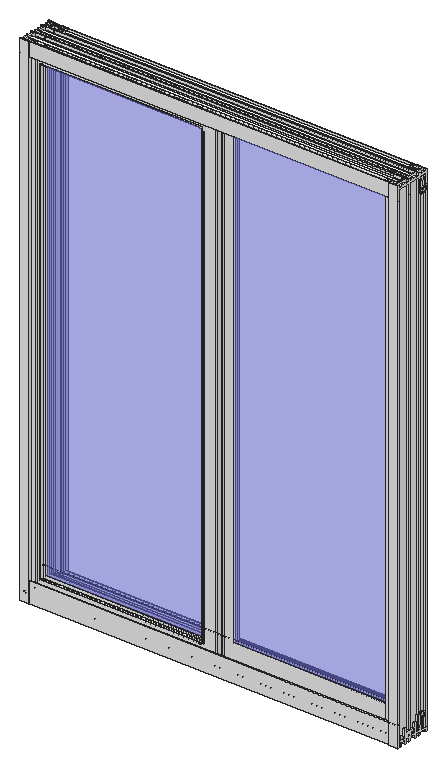
Revit family "DAL_A3-AGI-Hurricane-Sliding-Door-1524X2032", category Doors, host Wall, Revit 2016
Family settings
  Host = Wall
  Always vertical = Yes
  Cut with Voids When Loaded = No
  Shared = No
  Room Calculation Point = No
Parameters (values of type "AGI HURRICANE SLIDING DOOR 1524 X2032")
  URL = "www.agi.co.za"
  Panel Width = Width / 2  # 762 mm
  Panel Height = Height - 60 mm  # 1972 mm
  Manufacturer = "AGI"
  Glass = Glass
  Function = Interior
  Frame Projection Ext. = 25 mm
  Frame Projection Int. = 25 mm
  Frame Width = 75 mm
  Height = 2032 mm
  Wall Closure = By host
  Width = 1524 mm
  Frame = Aluminium
Reference planes
  plane 1 "Center (Interior/Exterior)": y = 0
  plane 2 "Center (Left/Right)": x = 0
  plane 3 "Left": x = -762
  plane 4 "Right": x = 762
  plane 5: z = 2032
  plane 6 "Exterior": y = 75
  plane 7 "Interior": y = -75
  plane 8: x = -747
  plane 9: x = 747
Forms (mm)
  Sweep 1, solid, material "Aluminium" <- "Frame", detail levels medium+fine
    path origin (0, 0, 0) x (1, 0, 0) y (0, 0, 1)
      loop
        line (762, 0) -> (-762, 0)
    profile "HORIZONTAL side 2 frame profile : HORIZONTAL side 2 frame profile" origin (0, 0, 0) x (0, 0, -1) y (0, -1, 0)
      loop
        circle (-78.556, -42.746) r 2.183
      loop
        line (-74.056, -30.696) -> (-74.056, -50.658) -> (-68.556, -50.658) -> (-68.556, -45.177) -> (-66.556, -45.177) -> (-66.556, -52.658) -> (-74.056, -52.658) -> (-74.056, -62.658) -> (-59.594, -62.658) -> (-59.594, -54.658) -> (-23.594, -54.658) -> (-23.594, -45.177) -> (-33.594, -45.177)
        arc (-33.594, -45.177) -> (-31.094, -42.677) -> (-33.594, -40.177) r 2.5
        line (-33.594, -40.177) -> (-23.594, -40.177) -> (-23.594, -30.696) -> (-74.056, -30.696)
      loop
        line (-35.344, -12.481) -> (-17.882, -12.481) -> (-19.002, 8.886) -> (-24.445, 8.886)
        arc (-24.445, 8.886) -> (-34.344, 9.886) -> (-24.445, 10.886) r 5
        line (-24.445, 10.886) -> (-19.107, 10.886) -> (-20.241, 32.519) -> (-35.344, 32.519) -> (-35.344, 24.253) -> (-21.594, 24.253) -> (-21.594, 22.253) -> (-35.344, 22.253) -> (-35.344, -2.481) -> (-21.594, -2.481) -> (-21.594, -4.481) -> (-35.344, -4.481) -> (-35.344, -12.481)
      loop
        line (-14.738, -72.481) -> (0, -72.481) -> (0, -67.481) -> (-9.993, -67.481) -> (-11.042, -47.474)
        arc (-11.042, -47.474) -> (-9.21, -47.022) -> (-7.676, -45.923) r 5
        line (-7.676, -45.923) -> (-9.445, -44.154)
        arc (-9.445, -44.154) -> (-13.796, -42.677) -> (-9.73, -40.538) r 2.5
        line (-9.73, -40.538) -> (-7.958, -38.765)
        arc (-7.958, -38.765) -> (-9.634, -37.768) -> (-11.565, -37.488) r 5
        line (-11.565, -37.488) -> (-12.614, -17.481) -> (0, -17.481) -> (0, -12.481) -> (-12.876, -12.481) -> (-13.791, 4.982)
        arc (-13.791, 4.982) -> (-11.943, 5.439) -> (-10.395, 6.548) r 5.044
        line (-10.395, 6.548) -> (-12.164, 8.317)
        arc (-12.164, 8.317) -> (-16.595, 9.886) -> (-12.352, 11.91) r 2.544
        line (-12.352, 11.91) -> (0, 11.91) -> (0, 13.767) -> (-10.68, 13.767)
        arc (-10.68, 13.767) -> (-12.371, 14.774) -> (-14.319, 15.056) r 5.044
        line (-14.319, 15.056) -> (-15.234, 32.519) -> (0, 32.519) -> (0, 37.519) -> (-15.496, 37.519) -> (-16.019, 47.507)
        arc (-16.019, 47.507) -> (-14.188, 47.959) -> (-12.655, 49.057) r 5
        line (-12.655, 49.057) -> (-14.44, 50.842)
        arc (-14.44, 50.842) -> (-18.756, 52.37) -> (-14.623, 54.342) r 2.478
        line (-14.623, 54.342) -> (0, 54.342) -> (0, 56.216) -> (-12.935, 56.216)
        arc (-12.935, 56.216) -> (-14.612, 57.213) -> (-16.543, 57.493) r 5
        line (-16.543, 57.493) -> (-17.066, 67.481) -> (0, 67.481) -> (0, 72.481) -> (-83.056, 72.481) -> (-83.056, 67.481) -> (-22.073, 67.481) -> (-21.334, 53.37) -> (-24.445, 53.37)
        arc (-24.445, 53.37) -> (-34.344, 52.37) -> (-24.445, 51.37) r 5
        line (-24.445, 51.37) -> (-21.229, 51.37) -> (-20.503, 37.519) -> (-55, 37.519) -> (-55, 32.519) -> (-37.344, 32.519) -> (-37.344, 17.253) -> (-42.344, 17.253) -> (-42.344, 15.253) -> (-37.344, 15.253) -> (-37.344, -12.481) -> (-55, -12.481) -> (-55, -17.481) -> (-17.62, -17.481) -> (-16.352, -41.677) -> (-21.594, -41.677) -> (-21.594, -28.696) -> (-76.056, -28.696) -> (-76.056, -48.658) -> (-81.056, -48.658) -> (-81.056, -40.177) -> (-83.056, -40.177) -> (-83.056, -50.658) -> (-76.056, -50.658) -> (-76.056, -64.658) -> (-57.594, -64.658) -> (-57.594, -56.658) -> (-21.594, -56.658) -> (-21.594, -43.677) -> (-16.247, -43.677) -> (-14.738, -72.481)
  Sweep 2, solid, material "Aluminium" <- "Frame", detail levels medium+fine
    path origin (0, 0, 0) x (1, 0, 0) y (0, 0, 1)
      loop
        line (762, 2032) -> (762, 0)
    profile "SIDE Frame profile : SIDE Frame profile" origin (762, 0, 1016) x (1, 0, 0) y (0, -1, 0)
      loop
        line (-16, 55.481) -> (-18, 55.481) -> (-18, 20.481) -> (-58, 20.481) -> (-58, 11.481) -> (-73, 11.481) -> (-73, 9.481) -> (-50, 9.481) -> (-50, 11.481) -> (-56, 11.481) -> (-56, 18.481) -> (-16, 18.481) -> (-16, 55.481)
      loop
        line (-55, 62.481) -> (-55, 57.481) -> (-30, 57.481) -> (-30, 67.481) -> (-15, 67.481) -> (-15, 17.481) -> (-55, 17.481) -> (-55, 12.481) -> (-15, 12.481) -> (-15, -32.519) -> (-55, -32.519) -> (-55, -37.519) -> (-15, -37.519) -> (-15, -67.481) -> (-30, -67.481) -> (-30, -57.481) -> (-55, -57.481) -> (-55, -62.481) -> (-35, -62.481) -> (-35, -72.481) -> (0, -72.481) -> (0, -67.481) -> (-10, -67.481) -> (-10, -37.519) -> (0, -37.519) -> (0, -32.519) -> (-10, -32.519) -> (-10, 12.481) -> (0, 12.481) -> (0, 17.481) -> (-10, 17.481) -> (-10, 67.481) -> (0, 67.481) -> (0, 72.481) -> (-35, 72.481) -> (-35, 62.481) -> (-55, 62.481)
  Sweep 3, solid, material "Aluminium" <- "Frame", detail levels medium+fine
    path origin (0, 0, 0) x (1, 0, 0) y (0, 0, 1)
      loop
        line (-762, 2032) -> (-762, 0)
    profile "SIDE 2 Frame profile : SIDE 2 Frame profile" origin (-762, 0, 1016) x (1, 0, 0) y (0, -1, 0)
      loop
        circle (78.556, -42.784) r 2.183
      loop
        line (74.056, -40.734) -> (34.844, -40.734) -> (34.844, -54.696) -> (59.594, -54.696) -> (59.594, -70.481) -> (74.056, -70.481) -> (74.056, -52.696) -> (66.556, -52.696) -> (66.556, -45.215) -> (68.556, -45.215) -> (68.556, -50.696) -> (74.056, -50.696) -> (74.056, -40.734)
      loop
        line (76.056, -38.734) -> (21.594, -38.734) -> (21.594, -40.734) -> (32.344, -40.734) -> (32.344, -54.696) -> (21.594, -54.696) -> (21.594, -56.696) -> (57.594, -56.696) -> (57.594, -72.481) -> (76.056, -72.481) -> (76.056, -50.696) -> (83.056, -50.696) -> (83.056, -40.215) -> (81.056, -40.215) -> (81.056, -48.696) -> (76.056, -48.696) -> (76.056, -38.734)
      loop
        line (55, 62.481) -> (35, 62.481) -> (35, 72.481) -> (0, 72.481) -> (0, 67.481) -> (10, 67.481) -> (10, 17.481) -> (0, 17.481) -> (0, 12.481) -> (10, 12.481) -> (10, -32.519) -> (0, -32.519) -> (0, -37.519) -> (10, -37.519) -> (10, -67.481) -> (0, -67.481) -> (0, -72.481) -> (35, -72.481) -> (35, -62.481) -> (55, -62.481) -> (55, -57.481) -> (30, -57.481) -> (30, -67.481) -> (15, -67.481) -> (15, -37.519) -> (55, -37.519) -> (55, -32.519) -> (15, -32.519) -> (15, 12.481) -> (55, 12.481) -> (55, 17.481) -> (15, 17.481) -> (15, 67.481) -> (30, 67.481) -> (30, 57.481) -> (55, 57.481) -> (55, 62.481)
  Sweep 4, solid, material "Aluminium" <- "Frame", detail levels medium+fine
    path origin (0, 0, 0) x (1, 0, 0) y (0, 0, 1)
      loop
        line (-762, 2032) -> (762, 2032)
    profile "HORIZONTAL side frame profile : HORIZONTAL side frame profile" origin (0, 0, 2032) x (0, 0, 1) y (0, -1, 0)
      loop
        circle (-76.962, -52.568) r 2.183
      loop
        line (-72.462, -40.519) -> (-72.462, -60.481) -> (-66.962, -60.481) -> (-66.962, -55) -> (-64.962, -55) -> (-64.962, -62.481) -> (-72.462, -62.481) -> (-72.462, -72.481) -> (-58, -72.481) -> (-58, -64.481) -> (-22, -64.481) -> (-22, -55) -> (-32, -55)
        arc (-32, -55) -> (-29.5, -52.5) -> (-32, -50) r 2.5
        line (-32, -50) -> (-22, -50) -> (-22, -40.519) -> (-72.462, -40.519)
      loop
        line (-20, -38.519) -> (-74.462, -38.519) -> (-74.462, -58.481) -> (-79.462, -58.481) -> (-79.462, -50) -> (-81.462, -50) -> (-81.462, -60.481) -> (-74.462, -60.481) -> (-74.462, -74.481) -> (-56, -74.481) -> (-56, -66.481) -> (-20, -66.481) -> (-20, -38.519)
      loop
        line (-55, 72.481) -> (-55, 67.481) -> (-15, 67.481) -> (-15, 17.481) -> (-55, 17.481) -> (-55, 12.481) -> (-15, 12.481) -> (-15, -32.519) -> (-55, -32.519) -> (-55, -37.519) -> (-15, -37.519) -> (-15, -67.481) -> (-55, -67.481) -> (-55, -72.481) -> (0, -72.481) -> (0, -67.481) -> (-10, -67.481) -> (-10, -62.5)
        arc (-10, -62.5) -> (-6.173, -61.739) -> (-2.929, -59.571) r 10
        line (-2.929, -59.571) -> (-8.232, -54.268)
        arc (-8.232, -54.268) -> (-12.5, -52.5) -> (-8.232, -50.732) r 2.5
        line (-8.232, -50.732) -> (-2.929, -45.429)
        arc (-2.929, -45.429) -> (-6.173, -43.261) -> (-10, -42.5) r 10
        line (-10, -42.5) -> (-10, -37.519) -> (0, -37.519) -> (0, -32.519) -> (-10, -32.519) -> (-10, -20.019)
        arc (-10, -20.019) -> (-6.173, -19.258) -> (-2.929, -17.09) r 10
        line (-2.929, -17.09) -> (-8.232, -11.787)
        arc (-8.232, -11.787) -> (-12.5, -10.019) -> (-8.232, -8.251) r 2.5
        line (-8.232, -8.251) -> (-2.929, -2.948)
        arc (-2.929, -2.948) -> (-6.173, -0.78) -> (-10, -0.019) r 10
        line (-10, -0.019) -> (-10, 12.481) -> (0, 12.481) -> (0, 17.481) -> (-10, 17.481) -> (-10, 32.481)
        arc (-10, 32.481) -> (-6.173, 33.242) -> (-2.929, 35.41) r 10
        line (-2.929, 35.41) -> (-8.232, 40.713)
        arc (-8.232, 40.713) -> (-12.5, 42.481) -> (-8.232, 44.249) r 2.5
        line (-8.232, 44.249) -> (-2.929, 49.552)
        arc (-2.929, 49.552) -> (-6.173, 51.72) -> (-10, 52.481) r 10
        line (-10, 52.481) -> (-10, 67.481) -> (0, 67.481) -> (0, 72.481) -> (-55, 72.481)
Lines and regions (mm)
  Opening 1
    outline origin (-3050, -75, 0) x (1, 0, 0) y (0, 0, 1)
      loop
        line (2288, 0) -> (3812, 0) -> (3812, 2032) -> (2288, 2032) -> (2288, 0)
  symbolic lines, style "Overhead", detail levels coarse
    curve 1: line (-762, 75, 0) -> (762, 75, 0)
    curve 2: line (762, -75, 0) -> (-762, -75, 0)
  symbolic lines, style "Plan Swing"
    curve 3: line (524.605, 103.284, 0) -> (344.605, 103.284, 0)
    curve 4: line (344.605, 103.284, 0) -> (372.889, 131.569, 0)
    curve 5: line (344.605, 103.284, 0) -> (372.889, 75, 0)
  symbolic lines, style "Elevation Swing"
    curve 6: line (527, 0, 1023.344) -> (366, 0, 1023.344)
    curve 7: line (366, 0, 1023.344) -> (394.284, 0, 1051.628)
    curve 8: line (366, 0, 1023.344) -> (394.284, 0, 995.06)
  symbolic lines, style "DoorsPanelProjection", detail levels coarse
    curve 9: line (-762, -32.519, 0) -> (0, -32.519, 0)
    curve 10: line (0, 12.019, 0) -> (762, 12.019, 0)
Text (mm)
  text "Exterior" at (-2295.016, 1099.543, 0), in view "Ref. Level"
  text "Exterior" at (0, 1615.38, 3698.081), in view "Left"
  text "Exterior" at (0, 1036.032, 3874.932), in view "Right"
Dimensions and locks
  equal spacing: plane 3 "Left", plane 2 "Center (Left/Right)", plane 4 "Right"
  "Width": plane 3 "Left" to plane 4 "Right"
  "Height": plane 5 to host wall
  host wall to plane 5 = 2032 mm  (x2)
  locked: plane 6 "Exterior" to host wall at 0
  locked: plane 7 "Interior" to host wall
  locked: plane 3 "Left" to plane 8 at 15
  locked: plane 9 to plane 4 "Right" at 15
  aligned and locked: plane 3 "Left" to Opening 1 sketch curve
  aligned and locked: plane 5 to Opening 1 sketch curve  (x2)
  aligned and locked: Opening 1 sketch curve to plane 4 "Right"
  aligned and locked: Opening 1 sketch curve to level
  aligned and locked: plane 1 "Center (Interior/Exterior)" to host wall
  aligned and locked: level to Sweep 1 sketch curve
  aligned and locked: plane 4 "Right" to Sweep 1 sketch curve
  aligned and locked: plane 3 "Left" to Sweep 1 sketch curve
  aligned and locked: curve 2 to curve 1  (x2)
  aligned and locked: plane 3 "Left" to curve 1
  aligned and locked: plane 4 "Right" to curve 2
  aligned and locked: curve 2 to plane 7 "Interior"
  aligned and locked: plane 6 "Exterior" to curve 1
  aligned and locked: plane 4 "Right" to Sweep 2 sketch curve
  aligned and locked: plane 5 to Sweep 2 sketch curve
  aligned and locked: level to Sweep 2 sketch curve
  aligned and locked: plane 3 "Left" to Sweep 3 sketch curve
  aligned and locked: level to Sweep 3 sketch curve
  aligned and locked: plane 5 to Sweep 3 sketch curve
  aligned and locked: plane 5 to Sweep 4 sketch curve
  aligned and locked: plane 4 "Right" to Sweep 4 sketch curve
  aligned and locked: plane 3 "Left" to Sweep 4 sketch curve
  aligned and locked: Sweep 1 to nested 1
  aligned and locked: nested 2 to Sweep 1
  aligned and locked: nested 1 to plane 8
  aligned and locked: nested 2 to plane 9
  aligned and locked: nested 1 to Sweep 3
  aligned and locked: nested 2 to Sweep 2
  aligned and locked: plane 3 "Left" to curve 9
  aligned and locked: plane 2 "Center (Left/Right)" to curve 9
  aligned and locked: plane 2 "Center (Left/Right)" to curve 10
  aligned and locked: plane 4 "Right" to curve 10
  aligned and locked: curve 9 to Sweep 1
  aligned and locked: nested 2 to curve 10
Automatic sketch dimensions
  plane 2 "Center (Left/Right)" to curve 6 = 366 mm
  curve 6 to curve 7 = 28.284 mm  (x2)
  curve 6 to curve 8 = 28.284 mm
  curve 7 to curve 6 = 132.716 mm
  level to curve 8 = 995.06 mm
  host wall to curve 3 = 28.284 mm
  plane 2 "Center (Left/Right)" to curve 3 = 344.605 mm
  host wall to curve 4 = 56.569 mm
  curve 3 to curve 4 = 28.284 mm
  curve 4 to curve 3 = 151.716 mm
Nested families
  nested 1: "Hurricane sliding panel" at (-268.4, -60.388, 37.344), type "Hurricane sliding panel", detail levels medium+fine
  nested 2: "Hurricane sliding panel" at (463.6, 33.426, 37.344), type "Hurricane sliding panel", detail levels medium+fine
Definition of nested family "Hurricane sliding panel"
  Parameters
    Width = 762 mm
    RHS SWING = no
    LHS SWING = no
    Height = 1972 mm
    Glass = none
    Frame = none
    Assembly Code = ""
  Reference planes
    plane 1 "Center (Front/Back)": y = 21.407
    plane 2 "Ref.level plane": z = 0
    plane 3 "Center (Left/Right)": x = -97.6
    plane 4 "Right": x = 283.4
    plane 5 "Left": x = -478.6
    plane 6 "Top": z = 1972
    plane 7 "GLASS 1": y = 37.907
    plane 8 "GLASS 2": y = 22.907
    plane 9 "PVB 1": y = 31.657
    plane 10 "PVB 2": y = 29.157
    plane 11: x = -427.35
    plane 12: x = 232.15
    plane 13: z = 1921
    plane 14: z = 986
    plane 15: z = 51
  Forms (mm)
    Sweep 1, solid, material <- "Frame"
      path origin (0, 21.407, 0) x (1, 0, 0) y (0, 0, 1)
        loop
          line (-478.6, 1972) -> (-478.6, 0) -> (283.4, 0) -> (283.4, 1972) -> (-478.6, 1972)
      profile "Panel profile : Panel profile" origin (-478.6, 21.407, 986) x (1, 0, 0) y (0, -1, 0)
        loop
          line (45.703, 13.5) -> (10, 13.5) -> (10, -8.772)
          arc (10, -8.772) -> (11.294, -8.942) -> (12.5, -9.442) r 5
          line (12.5, -9.442) -> (11.25, -11.607)
          arc (11.25, -11.607) -> (7.771, -14.904) -> (12.486, -14.039) r 2.5
          line (12.486, -14.039) -> (14.993, -14.039)
          arc (14.993, -14.039) -> (14.754, -15.323) -> (14.19, -16.5) r 5
          line (14.19, -16.5) -> (48.75, -16.5) -> (48.75, 8.778)
          arc (48.75, 8.778) -> (52.173, 12.178) -> (47.5, 10.976) r 2.5
          line (47.5, 10.976) -> (45, 10.976)
          arc (45, 10.976) -> (45.184, 12.285) -> (45.703, 13.5) r 5
        loop
          line (52.5, 18.5) -> (0, 18.5) -> (0, 13.5) -> (5, 13.5) -> (5, -16.5) -> (0, -16.5) -> (0, -21.5) -> (65, -21.5) -> (65, -16.5) -> (51.25, -16.5) -> (51.25, -1.5) -> (65, -1.5) -> (65, 3.5) -> (55, 3.5) -> (55, 16)
          arc (55, 16) -> (54.268, 17.768) -> (52.5, 18.5) r 2.5
    Extrusion 2, solid, material <- "Glass"
      sketch origin (0, 37.907, 0) x (-1, 0, 0) y (0, 0, 1)
        loop
          line (427.35, 51) -> (427.35, 1921) -> (-232.15, 1921) -> (-232.15, 51) -> (427.35, 51)
      from 0 to -6.25
    Extrusion 3, solid, material <- "Glass"
      sketch origin (0, 22.907, 0) x (1, 0, 0) y (0, 0, 1)
        loop
          line (-427.35, 51) -> (232.15, 51) -> (232.15, 1921) -> (-427.35, 1921) -> (-427.35, 51)
      from 0 to -6.25
    Extrusion 4, solid
      sketch origin (0, 31.657, 0) x (-1, 0, 0) y (0, 0, 1)
        loop
          line (427.35, 51) -> (427.35, 1921) -> (-232.15, 1921) -> (-232.15, 51) -> (427.35, 51)
      from 0 to -2.5
  Dimensions and locks
    equal spacing: plane 5 "Left", plane 3 "Center (Left/Right)", plane 4 "Right"
    "Height": plane 6 "Top" to plane 2 "Ref.level plane"
    plane 1 "Center (Front/Back)" to plane 8 "GLASS 2" to plane 10 "PVB 2" to plane 9 "PVB 1" to plane 7 "GLASS 1" = 1.5 mm locked, 6.25 mm locked, 2.5 mm locked, 6.25 mm locked
    locked: plane 12 to plane 4 "Right" at 51.25
    locked: plane 5 "Left" to plane 11 at 51.25
    equal spacing: plane 6 "Top", plane 14, plane 2 "Ref.level plane"
    locked: plane 15 to plane 2 "Ref.level plane" at 51
    locked: plane 6 "Top" to plane 13 at 51
    "Width": plane 5 "Left" to plane 4 "Right"
    aligned and locked: level to plane 2 "Ref.level plane"
    aligned and locked: Sweep 1 sketch curve to plane 5 "Left"
    aligned and locked: Sweep 1 sketch curve to plane 2 "Ref.level plane"
    aligned and locked: Sweep 1 sketch curve to plane 4 "Right"
    aligned and locked: Sweep 1 sketch curve to plane 6 "Top"
    aligned and locked: plane 11 to Extrusion 2 sketch curve
    aligned and locked: plane 13 to Extrusion 2 sketch curve
    aligned and locked: plane 12 to Extrusion 2 sketch curve
    aligned and locked: Extrusion 2 sketch curve to plane 15
    aligned and locked: Extrusion 2 to plane 9 "PVB 1"
    aligned and locked: plane 7 "GLASS 1" to Extrusion 2
    aligned and locked: Extrusion 3 sketch curve to plane 11
    aligned and locked: Extrusion 3 sketch curve to plane 13
    aligned and locked: plane 15 to Extrusion 3 sketch curve
    aligned and locked: Extrusion 3 sketch curve to plane 12
    aligned and locked: Extrusion 3 to plane 8 "GLASS 2"
    aligned and locked: Extrusion 3 to plane 10 "PVB 2"
    aligned and locked: plane 11 to Extrusion 4 sketch curve
    aligned and locked: plane 13 to Extrusion 4 sketch curve
    aligned and locked: plane 12 to Extrusion 4 sketch curve
    aligned and locked: Extrusion 4 sketch curve to plane 15
    aligned and locked: plane 10 "PVB 2" to Extrusion 4
